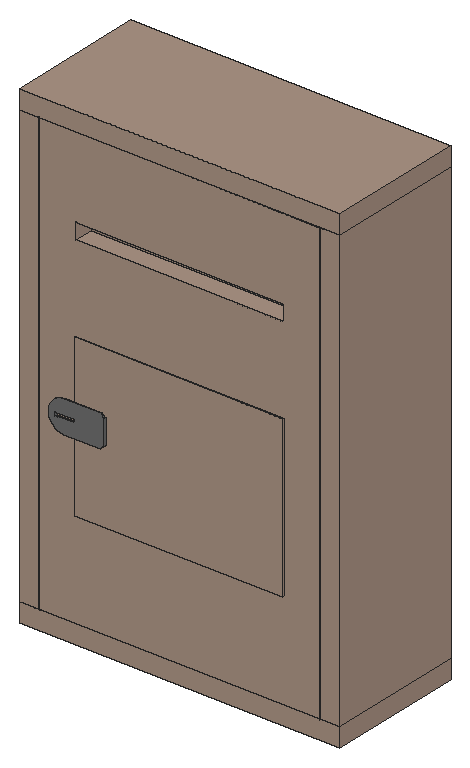
Revit family
Parameters (values of type "200 x 300 mm")
  Mounting Height = 1200 mm
  Fixture Material = Steel
  Box Material = Wood
Reference planes
  plane 1 "Center (Front/Back)": y = 0
  plane 2: z = 0
  plane 3 "Center (Left/Right)": x = 0
  plane 4: y = -87
  plane 5: z = 1200
  plane 6: z = 1500
  plane 7: x = -100
  plane 8: x = 100
Forms (mm)
  Extrusion 1, solid, material "Wood" <- "Box Material"
    sketch origin (0, 0, 1200) x (-1, 0, 0) y (0, -1, 0)
      loop
        line (100, 0) -> (100, 87) -> (-100, 87) -> (-100, 0) -> (100, 0)
    from 0 to 12
  Extrusion 2, solid, material "Wood" <- "Box Material"
    sketch origin (0, 0, 1200) x (-1, 0, 0) y (0, -1, 0)
      loop
        line (100, 0) -> (100, 87) -> (-100, 87) -> (-100, 0) -> (100, 0)
    from 288 to 300
  Extrusion 3, solid, material "Wood" <- "Box Material"
    sketch origin (0, 0, 1200) x (-1, 0, 0) y (0, -1, 0)
      loop
        line (100, 0) -> (100, 87) -> (88, 87) -> (88, 12) -> (-88, 12) -> (-88, 87) -> (-100, 87) -> (-100, 0) -> (100, 0)
    from 12 to 288
  Extrusion 4, solid, material "Wood" <- "Box Material"
    sketch origin (0, 0, 0) x (1, 0, 0) y (0, 0, 1)
      loop
        line (-88, 1488) -> (-88, 1212) -> (88, 1212) -> (88, 1488) -> (-88, 1488)
      loop
        line (-65, 1437.207) -> (-65, 1427.207) -> (65, 1427.207) -> (65, 1437.207) -> (-65, 1437.207)
      loop
        line (-65, 1373.135) -> (-65, 1272.9) -> (65, 1272.9) -> (65, 1373.135) -> (-65, 1373.135)
    from 75 to 87
  Extrusion 5, solid, material "Wood" <- "Box Material"
    sketch origin (0, 0, 1200) x (-1, 0, 0) y (0, -1, 0)
      loop
        line (65, 75) -> (65, 87.818) -> (-65, 87.818) -> (-65, 75) -> (65, 75)
    from 72.9 to 173.135
  Extrusion 6, solid, material "Steel" <- "Fixture Material"
    sketch origin (0, 0, 0) x (1, 0, 0) y (0, 0, 1)
      loop
        line (-48.224, 1336.694) -> (-70.91, 1336.694)
        arc (-70.91, 1336.694) -> (-80.91, 1326.694) -> (-70.91, 1316.694) r 10
        line (-70.91, 1316.694) -> (-48.224, 1316.694) -> (-45.849, 1319.068) -> (-45.849, 1334.319) -> (-48.224, 1336.694)
      loop
        line (-76.506, 1325.566) -> (-64.506, 1325.566) -> (-64.506, 1327.821) -> (-76.506, 1327.821) -> (-76.506, 1325.566)
    from 87.818 to 88.8
Lines and regions (mm)
  symbolic lines
    curve 1: line (-100, 0, 0) -> (100, 0, 0)
    curve 2: line (-100, -87, 0) -> (-100, 0, 0)
    curve 3: line (100, -87, 0) -> (-100, -87, 0)
    curve 4: line (100, 0, 0) -> (100, -87, 0)
Dimensions and locks
  plane 4 to plane 1 "Center (Front/Back)" = 87 mm
  "Mounting Height": plane 5 to level
  plane 6 to plane 5 = 300 mm
  equal spacing: plane 8, plane 3 "Center (Left/Right)", plane 7
  plane 8 to plane 7 = 200 mm
  plane 1 "Center (Front/Back)" to plane 4 = 87 mm
  aligned and locked: plane 1 "Center (Front/Back)" to Extrusion 1 sketch curve
  aligned and locked: plane 4 to Extrusion 1 sketch curve
  aligned and locked: Extrusion 2 sketch curve to Extrusion 1  (x3)
  aligned and locked: Extrusion 1 to Extrusion 2 sketch curve
  aligned and locked: Extrusion 3 sketch curve to Extrusion 1  (x3)
  aligned and locked: plane 4 to Extrusion 3 sketch curve
  aligned and locked: Extrusion 3 to Extrusion 2
  aligned and locked: Extrusion 3 to Extrusion 1
  aligned and locked: Extrusion 3 to Extrusion 4 sketch curve
  aligned and locked: Extrusion 4 sketch curve to Extrusion 3  (x3)
  aligned and locked: Extrusion 4 sketch curve to Extrusion 4 sketch curve  (x2)
  aligned and locked: plane 4 to Extrusion 4
  aligned and locked: plane 6 to Extrusion 2
  aligned and locked: plane 7 to Extrusion 3
  aligned and locked: plane 8 to Extrusion 3
  aligned and locked: Extrusion 5 sketch curve to Extrusion 4  (x3)
  aligned and locked: Extrusion 5 to Extrusion 4  (x2)
  aligned and locked: Extrusion 6 to Extrusion 5
Automatic sketch dimensions
  Extrusion 1 sketch curve to plane 8 = 0 mm
  Extrusion 1 sketch curve to plane 7 = 0 mm
  Extrusion 3 sketch curve to plane 7 = 0 mm
  Extrusion 3 sketch curve to Extrusion 3 sketch curve = 12 mm
  plane 7 to Extrusion 3 sketch curve = 12 mm
  plane 1 "Center (Front/Back)" to Extrusion 3 sketch curve = 12 mm
  plane 7 to Extrusion 4 sketch curve = 35 mm
  Extrusion 4 sketch curve to plane 8 = 35 mm
  Extrusion 4 sketch curve to Extrusion 4 sketch curve = 60.9 mm
  Extrusion 4 sketch curve to Extrusion 4 sketch curve = 100.235 mm
  Extrusion 4 sketch curve to Extrusion 4 sketch curve = 54.072 mm
  Extrusion 4 sketch curve to Extrusion 4 sketch curve = 10 mm
  plane 4 to Extrusion 5 sketch curve = 0.818 mm
  plane 7 to Extrusion 6 sketch curve = 23.494 mm
  Extrusion 6 sketch curve to Extrusion 6 sketch curve = 5.595 mm
  Extrusion 6 sketch curve to Extrusion 6 sketch curve = 6.405 mm
  Extrusion 6 sketch curve to Extrusion 6 sketch curve = 16.282 mm  (x2)
  Extrusion 6 sketch curve to Extrusion 6 sketch curve = 2.375 mm  (x3)
  plane 5 to Extrusion 6 sketch curve = 116.694 mm
  Extrusion 6 sketch curve to Extrusion 6 sketch curve = 8.873 mm
  Extrusion 6 sketch curve to Extrusion 6 sketch curve = 1.127 mm
  Extrusion 6 sketch curve to Extrusion 6 sketch curve = 2.254 mm
  curve 3 to plane 4 = 0 mm
  curve 3 to plane 7 = 0 mm
  curve 3 to plane 8 = 0 mm
  curve 2 to plane 1 "Center (Front/Back)" = 0 mm
